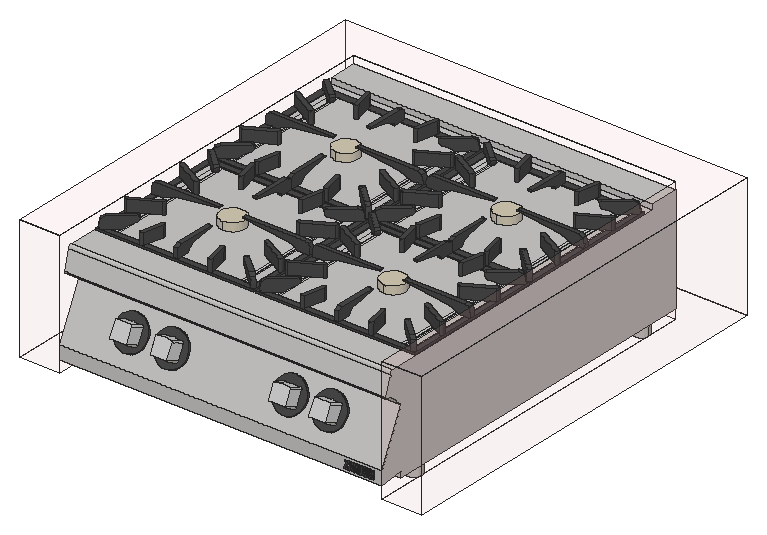
Revit family "QF_ZANUSSI_392027_Z9GCGH4C00", category Attrezzature speciali, Revit 2020
Family settings
  Quota connettore circolare = Usa diametro
  Tipo di parte = Normale
  Basato su piano di lavoro = No
  Sempre verticale = Sì
  Taglio con vuoti quando caricato = No
  Condiviso = No
  Punto di calcolo locali = No
Parameters (values of type "Standard")
  Weight = 79.00 kg
  Watts = 0 W
  Volts = 0 V
  URL Manufacturer = "http://www.zanussiprofessional.com"
  URL = "http://www.zanussiprofessional.com"
  Steam Supply Size = 0 mm
  Steam Supply Minimum Pressure = 0.0 Pa
  Steam Supply Maximum Pressure = 0.0 Pa
  Steam Consumption per Hour = 0
  Show Logo [instance] = yes
  Show Clearance [instance] = yes
  Refrigeration Suction Line Size = 0 mm
  Refrigeration Liquid Line Size = 0 mm
  Refrigerant Compressor Remote = yes
  Prospetto di default = 0 mm
  Produttore = "Zanussi"
  Phase = 0
  Modello = "Z9GCGH4C00"
  Length Actual = 800 mm  # constant formula
  Item Number = "392027"
  Hot Water Size = 0 mm
  Height Actual = 250 mm  # constant formula
  HP = "0 HP"
  Gas Size = 12.7 mm
  Gas KW = 28
  Gas Input Pressure = 0.202529 W
  Direct Waste Size = 0 mm
  Descrizione = "4-BURNER(CAST IRON)GAS BOILING TOP 800MM"
  Depth Actual = 900 mm  # constant formula
  Cycle = 0 Hz
  Condensate Return Size = 0 mm
  Compressed Air Volume = 0.0 L/s
  Compressed Air Size = 0 mm
  Compressed Air Pressure = 0.0 Pa
  Cold Water Size = 0 mm
  Accessory = yes
Reference planes
  plane 1 "Back": y = 0
  plane 2: z = 0
  plane 3 "Left": x = 0
  plane 4: x = 800
  plane 5: z = 275
  plane 6: x = 400
  plane 7: y = 100
  plane 8: x = 900
  plane 9: x = -100
  plane 10: y = -82
  plane 11: y = -988.75
  plane 12: y = -915
  plane 13: y = -457.5
Forms (mm)
  Extrusion 1, solid, material "QF_Finishes_Stainless Steel"
    sketch origin (0, 0, 1) x (0, 1, 0) y (0, 0, 1)
      loop
        line (0, 23) -> (0, 289) -> (-69.85, 289) -> (-69.85, 274) -> (-879.358, 274)
        arc (-879.358, 274) -> (-884.643, 271.811) -> (-886.833, 266.526) r 7.474
        line (-886.833, 266.526) -> (-899.884, 221.011)
        arc (-899.884, 221.011) -> (-899.396, 218.379) -> (-897, 217.184) r 3
        line (-897, 217.184) -> (-886.802, 217.184) -> (-854.982, 185.364) -> (-915, 64.508) -> (-915, 29.508) -> (-858.645, 37.428)
        arc (-858.645, 37.428) -> (-856.101, 36.674) -> (-855, 34.259) r 3.2
        line (-855, 34.259) -> (-855, 23) -> (0, 23)
    from 0 to 800
  Extrusion 2, solid, material "QF_Finishes_Clearance", visible <- "Show Clearance"
    sketch origin (0, 0, 0) x (1, 0, 0) y (0, 1, 0)
      loop
        line (0, -915) -> (0, 0) -> (800, 0) -> (800, -915) -> (900, -915) -> (900, 100) -> (-100, 100) -> (-100, -915) -> (0, -915)
    from 0 to 308.575
  Extrusion 3, solid, material "QF_Finishes_Stainless Steel"
    sketch origin (1120.814, -525.308, 19) x (1, 0, 0) y (0, 1, 0)
      loop
        circle (-372.814, -339.442) r 8
    from 0 to 5
  Extrusion 4, solid, material "QF_Finishes_Stainless Steel"
    sketch origin (1120.814, 5, 215.192) x (1, 0, 0) y (0, 0, 1)
      loop
        circle (-372.814, -140.692) r 8
    from 0 to 5
Dimensions and locks
  plane 3 "Left" to plane 4 = 800 mm
  plane 5 to level = 275 mm
  equal spacing: plane 3 "Left", plane 6, plane 4
  plane 1 "Back" to plane 7 = 100 mm
  plane 9 to plane 3 "Left" = 100 mm
  plane 4 to plane 8 = 100 mm
  plane 1 "Back" to Extrusion 1 sketch curve = 915 mm
  plane 1 "Back" to plane 10 to plane 12 to plane 11 = 82 mm, 833 mm, 73.75 mm
  equal spacing: plane 12, plane 13, plane 1 "Back"
  plane 1 "Back" to plane 12 = 915 mm
  aligned and locked: level to plane 2
Automatic sketch dimensions
  Extrusion 2 sketch curve to plane 9 = 0 mm
  Extrusion 2 sketch curve to plane 3 "Left" = 0 mm
  plane 1 "Back" to Extrusion 2 sketch curve = 0 mm
  Extrusion 2 sketch curve to plane 4 = 0 mm
  Extrusion 2 sketch curve to plane 7 = 0 mm
  Extrusion 2 sketch curve to plane 8 = 0 mm
  plane 5 to Extrusion 1 sketch curve = 0 mm
  Extrusion 1 sketch curve to plane 1 "Back" = 0 mm
  Extrusion 1 sketch curve to Extrusion 1 sketch curve = 2.884 mm
  Extrusion 1 sketch curve to Extrusion 1 sketch curve = 0.445 mm
  Extrusion 1 sketch curve to Extrusion 1 sketch curve = 3.2 mm
  plane 1 "Back" to Extrusion 1 sketch curve = 69.85 mm
  Extrusion 1 sketch curve to Extrusion 1 sketch curve = 45.515 mm
  Extrusion 1 sketch curve to Extrusion 1 sketch curve = 0.827 mm
  Extrusion 1 sketch curve to Extrusion 1 sketch curve = 31.82 mm  (x2)
  level to Extrusion 1 sketch curve = 65.508 mm
  level to Extrusion 1 sketch curve = 38.428 mm
  level to Extrusion 1 sketch curve = 30.508 mm
  Extrusion 1 sketch curve to Extrusion 1 sketch curve = 11.259 mm
  Extrusion 1 sketch curve to plane 5 = 15 mm
  Extrusion 1 sketch curve to Extrusion 1 sketch curve = 13.082 mm
  plane 4 to Extrusion 3 sketch curve = 52 mm
  plane 4 to Extrusion 4 sketch curve = 52 mm
  level to Extrusion 4 sketch curve = 74.5 mm
  plane 12 to Extrusion 1 sketch curve = 15.116 mm
  plane 5 to Extrusion 1 sketch curve = 7.474 mm
  plane 12 to Extrusion 1 sketch curve = 28.167 mm
  plane 12 to Extrusion 1 sketch curve = 56.355 mm
  Extrusion 2 sketch curve to plane 12 = 0 mm  (x2)
  plane 11 to Extrusion 3 sketch curve = 124 mm
  radius of Extrusion 3 sketch curve = 8 mm
  radius of Extrusion 4 sketch curve = 8 mm
Nested families
  nested 1: "ZANUSSI_Logo" at (749.92, -915, 98) x (1, 0, 0) z (0, -1, 0), Show Logo <- "Show Logo", visible <- "Show Logo", type "ZANUSSI_Logo"
    with Show Logo yes
  nested 2: "Piedino 24x19 mm" at (19, -82, 0), type "Piedino 24x19 mm"
  nested 3: "Piedino 24x19 mm" at (19, -790, 0), type "Piedino 24x19 mm"
  nested 4: "Piedino 24x19 mm" at (781, -82, 0) x (-1, 0, 0) z (0, 0, 1), type "Piedino 24x19 mm"
  nested 5: "Piedino 24x19 mm" at (781, -790, 0) x (-1, 0, 0) z (0, 0, 1), type "Piedino 24x19 mm"
  nested 6: "CONTROLLER_XP-ZAN" at (596.46, -882.317, 131.321) x (-1, 0, 0) z (0, -0.8956, 0.4448), type "CONTROLLER_XP-ZAN"
  nested 7: "CONTROLLER_XP-ZAN" at (598.54, -882.317, 131.321) x (1, 0, 0) z (0, -0.8956, 0.4448), type "CONTROLLER_XP-ZAN"
  nested 8: "CONTROLLER_XP-ZAN" at (203.54, -882.317, 131.321) x (1, 0, 0) z (0, -0.8956, 0.4448), type "CONTROLLER_XP-ZAN"
  nested 9: "CONTROLLER_XP-ZAN" at (201.46, -882.317, 131.321) x (-1, 0, 0) z (0, -0.8956, 0.4448), type "CONTROLLER_XP-ZAN"
  nested 10: "ZANUSSI_BURNER" at (3.068, -453.131, -575.85), type "ZANUSSI_BURNER"
    with Status "", Specification by User "", Revision Code "", Item Number "", Installed By "", Identify Quantity as Lot yes, Furnished By "", Foodservice Equipment Identifier yes
  nested 11: "ZANUSSI_BURNER" at (3.068, -449.989, -575.85), type "ZANUSSI_BURNER"
    with Status "", Specification by User "", Revision Code "", Item Number "", Installed By "", Identify Quantity as Lot yes, Furnished By "", Foodservice Equipment Identifier yes
  nested 12: "ZANUSSI_BURNER" at (796.932, -453.131, -575.85) x (-1, 0, 0) z (0, 0, 1), type "ZANUSSI_BURNER"
    with Status "", Specification by User "", Revision Code "", Item Number "", Installed By "", Identify Quantity as Lot yes, Furnished By "", Foodservice Equipment Identifier yes
  nested 13: "ZANUSSI_BURNER" at (796.932, -449.989, -575.85) x (-1, 0, 0) z (0, 0, 1), type "ZANUSSI_BURNER"
    with Status "", Specification by User "", Revision Code "", Item Number "", Installed By "", Identify Quantity as Lot yes, Furnished By "", Foodservice Equipment Identifier yes
Connectors
  piping at (748, -864.75, 19), diameter 12.7, driven by "Gas Size"
    settings: on Extrusion 3, index 14, connector inside diameter 609.6 mm, connector length 0 mm, flow factor 0, pipe flow 0.0 L/s, pressure drop 0.0 Pa, fitting loss kfactor 0, connector angle 0.00°, fixture units 0, engagement length 0 mm, angle of deflection 0.00°, flow configuration 0, flow direction 0, fitting loss method 0, system type 29, joint type 0, gender type 0, connector reference index -1, connector utility 0, adjustable connector no, is connector primary yes, connector description "Gas Connection"
  piping at (748, 5, 74.5), diameter 12.7, driven by "Gas Size"
    settings: on Extrusion 4, index 15, connector inside diameter 609.6 mm, connector length 0 mm, flow factor 0, pipe flow 0.0 L/s, pressure drop 0.0 Pa, fitting loss kfactor 0, connector angle 0.00°, fixture units 0, engagement length 0 mm, angle of deflection 0.00°, flow configuration 0, flow direction 0, fitting loss method 0, system type 29, joint type 0, gender type 0, connector reference index -1, connector utility 0, adjustable connector no, is connector primary no, connector description "Gas Connection"
Definition of nested family "ZANUSSI_Logo"
  Parameters (values of type "ZANUSSI_Logo")
    Show Logo [instance] = yes
    Default Elevation = 1219.2 mm
  Reference planes
    plane 1 "Center (Front/Back)": y = -49
    plane 2: z = 0
    plane 3 "Center (Left/Right)": x = -9.92
  Forms (mm)
    Extrusion 1, solid
      sketch origin (0, 0, 0) x (1, 0, 0) y (0, 1, 0)
        loop
          line (-1219.2, 1219.2) -> (-1219.2, -1219.2) -> (1219.2, -1219.2) -> (1219.2, 1219.2) -> (-1219.2, 1219.2)
      from 0 to -304.8
    Extrusion 2, solid, visible <- "Show Logo"
      sketch origin (106.353, -215.165, -50) x (1, 0, 0) y (0, 1, 0)
        loop
          line (-137.419, 156.48) -> (-137.419, 160.444) -> (-143.365, 160.444) -> (-137.419, 172.566) -> (-137.419, 175.851) -> (-147.274, 175.851) -> (-147.274, 172.226) -> (-142.063, 172.339) -> (-147.728, 160.444) -> (-147.728, 156.48) -> (-137.419, 156.48)
        loop
          line (-131.729, 163.73) -> (-129.463, 163.73) -> (-130.596, 172.54) -> (-131.729, 163.73)
        loop
          line (-132.748, 156.48) -> (-132.182, 160.218) -> (-128.897, 160.218) -> (-128.33, 156.48) -> (-124.252, 156.48) -> (-127.877, 175.851) -> (-133.315, 175.851) -> (-136.826, 156.48) -> (-132.748, 156.48)
        loop
          line (-123.75, 175.851) -> (-123.75, 156.48) -> (-120.238, 156.48) -> (-120.238, 169.281) -> (-116.953, 156.48) -> (-112.648, 156.48) -> (-112.648, 175.851) -> (-116.273, 175.851) -> (-116.273, 163.503) -> (-119.558, 175.851) -> (-123.75, 175.851)
        loop
          arc (-111.742, 161.27) -> (-106.896, 156.448) -> (-101.433, 160.558) r 5.22
          line (-101.433, 160.558) -> (-101.433, 175.851) -> (-105.398, 175.851) -> (-105.398, 161.464)
          arc (-105.398, 161.464) -> (-106.44, 160.263) -> (-107.777, 161.124) r 1.214
          line (-107.777, 161.124) -> (-107.777, 175.851) -> (-111.742, 175.851) -> (-111.742, 161.27)
        loop
          line (-94.069, 169.734) -> (-90.331, 169.734) -> (-90.269, 171.495)
          arc (-90.269, 171.495) -> (-90.53, 173.458) -> (-91.761, 175.009) r 3.719
          arc (-91.761, 175.009) -> (-95.38, 176.189) -> (-98.998, 175.009) r 6.139
          arc (-98.998, 175.009) -> (-100.474, 172.145) -> (-100.291, 168.927) r 6.125
          arc (-100.291, 168.927) -> (-99.079, 167.149) -> (-97.591, 165.594) r 13.068
          line (-97.591, 165.594) -> (-95.921, 164.113)
          arc (-95.921, 164.113) -> (-94.934, 163.275) -> (-94.167, 162.233) r 5.571
          arc (-94.167, 162.233) -> (-94.357, 160.41) -> (-96.143, 160.003) r 1.573
          arc (-96.143, 160.003) -> (-96.681, 160.547) -> (-96.911, 161.277) r 1.631
          arc (-96.911, 161.277) -> (-96.929, 161.791) -> (-96.911, 162.305) r 7.441
          arc (-96.911, 162.305) -> (-96.895, 162.791) -> (-96.911, 163.277) r 7.03
          line (-96.911, 163.277) -> (-100.866, 163.277)
          arc (-100.866, 163.277) -> (-100.828, 160.504) -> (-99.735, 157.955) r 7.131
          arc (-99.735, 157.955) -> (-94.571, 156.484) -> (-90.221, 159.633) r 6.148
          arc (-90.221, 159.633) -> (-90.141, 162.884) -> (-91.536, 165.823) r 7.021
          line (-91.536, 165.823) -> (-95.882, 169.734)
          arc (-95.882, 169.734) -> (-96.47, 170.472) -> (-96.785, 171.362) r 2.858
          arc (-96.785, 171.362) -> (-95.666, 172.959) -> (-94.069, 171.84) r 1.379
          line (-94.069, 171.84) -> (-94.069, 169.734)
        loop
          line (-82.771, 169.734) -> (-79.033, 169.734) -> (-78.971, 171.495)
          arc (-78.971, 171.495) -> (-79.232, 173.458) -> (-80.463, 175.009) r 3.719
          arc (-80.463, 175.009) -> (-84.081, 176.189) -> (-87.7, 175.009) r 6.139
          arc (-87.7, 175.009) -> (-89.175, 172.145) -> (-88.993, 168.927) r 6.125
          arc (-88.993, 168.927) -> (-87.781, 167.149) -> (-86.293, 165.594) r 13.068
          line (-86.293, 165.594) -> (-84.623, 164.113)
          arc (-84.623, 164.113) -> (-83.636, 163.275) -> (-82.869, 162.233) r 5.571
          arc (-82.869, 162.233) -> (-83.059, 160.41) -> (-84.845, 160.003) r 1.573
          arc (-84.845, 160.003) -> (-85.383, 160.547) -> (-85.613, 161.277) r 1.631
          arc (-85.613, 161.277) -> (-85.631, 161.791) -> (-85.613, 162.305) r 7.441
          arc (-85.613, 162.305) -> (-85.596, 162.791) -> (-85.613, 163.277) r 7.03
          line (-85.613, 163.277) -> (-89.568, 163.277)
          arc (-89.568, 163.277) -> (-89.53, 160.504) -> (-88.437, 157.955) r 7.131
          arc (-88.437, 157.955) -> (-83.272, 156.484) -> (-78.922, 159.633) r 6.148
          arc (-78.922, 159.633) -> (-78.843, 162.884) -> (-80.238, 165.823) r 7.021
          line (-80.238, 165.823) -> (-84.584, 169.734)
          arc (-84.584, 169.734) -> (-85.171, 170.472) -> (-85.486, 171.362) r 2.858
          arc (-85.486, 171.362) -> (-84.368, 172.959) -> (-82.771, 171.84) r 1.379
          line (-82.771, 171.84) -> (-82.771, 169.734)
        loop
          line (-78.21, 175.851) -> (-78.21, 156.48) -> (-74.245, 156.48) -> (-74.245, 175.851) -> (-78.21, 175.851)
      from 50 to 51.6
  Dimensions and locks
    aligned and locked: plane 2 to Extrusion 1
    aligned and locked: level to Extrusion 1
Definition of nested family "Piedino 24x19 mm"
  Parameters (values of type "Piedino 24x19 mm")
    Default Elevation = 0 mm
    P = 930 mm
    L = 400 mm
    H = 290 mm
  Reference planes
    plane 1: y = 0
    plane 2: z = 0
    plane 3: x = 0
    plane 4: z = 290
    plane 5: z = 24
    plane 6: z = 55
  Forms (mm)
    Extrusion 1, solid
      sketch origin (-373.847, 979.72, 0) x (1, 0, 0) y (0, 1, 0)
        loop
          circle (373.847, -979.72) r 19
      from 0 to 24
  Dimensions and locks
    "H": plane 4 to level
    plane 4 to plane 5 to level = 266 mm, 24 mm
    level to plane 6 = 55 mm
    aligned and locked: level to plane 2
  Automatic sketch dimensions
    plane 3 to Extrusion 1 sketch curve = 0 mm
    plane 1 to Extrusion 1 sketch curve = 0 mm
    radius of Extrusion 1 sketch curve = 19 mm
Definition of nested family "CONTROLLER_XP-ZAN"
  Parameters (values of type "CONTROLLER_XP-ZAN")
    Default Elevation = 0 mm
  Reference planes
    plane 1 "Centro (Fronte/Retro)": y = 0
    plane 2: z = 0
    plane 3 "Centro (Sinistra/Destra)": x = 0
    plane 4: x = -51.067
    plane 5: x = 51.067
    plane 6: x = 93.481
    plane 7: x = -93.481
  Forms (mm)
    Extrusion 1, solid
      sketch origin (0, 0, 0) x (1, 0, 0) y (0, 1, 0)
        loop
          line (-1219.2, 1219.2) -> (-1219.2, -1219.2) -> (1219.2, -1219.2) -> (1219.2, 1219.2) -> (-1219.2, 1219.2)
      from 0 to -304.8
    Extrusion 2, solid
      sketch origin (-46.381, -48.923, 0) x (1, 0, 0) y (0, 1, 0)
        loop
          circle (-4.687, 48.923) r 42.414
      from 0 to 3.175
    Blend 3, solid
      base sketch origin (-46.381, -48.923, 3.175) x (1, 0, 0) y (0, 1, 0)
        loop
          line (-23.687, 25.923) -> (14.313, 25.923)
          arc (14.313, 25.923) -> (17.142, 27.095) -> (18.313, 29.923) r 4
          line (18.313, 29.923) -> (18.313, 66.519)
          arc (18.313, 66.519) -> (17.342, 69.132) -> (14.901, 70.476) r 4
          arc (14.901, 70.476) -> (-4.687, 71.923) -> (-24.275, 70.476) r 133.25
          arc (-24.275, 70.476) -> (-26.716, 69.132) -> (-27.687, 66.519) r 4
          line (-27.687, 66.519) -> (-27.687, 29.923)
          arc (-27.687, 29.923) -> (-26.515, 27.095) -> (-23.687, 25.923) r 4
      top sketch origin (-46.381, -48.923, 3.175) x (1, 0, 0) y (0, 1, 0)
        loop
          line (-25.687, 66.519) -> (-25.687, 29.923)
          arc (-25.687, 29.923) -> (-25.101, 28.509) -> (-23.687, 27.923) r 2
          line (-23.687, 27.923) -> (14.313, 27.923)
          arc (14.313, 27.923) -> (15.727, 28.509) -> (16.313, 29.923) r 2
          line (16.313, 29.923) -> (16.313, 66.519)
          arc (16.313, 66.519) -> (15.828, 67.825) -> (14.607, 68.498) r 2
          arc (14.607, 68.498) -> (-4.687, 69.923) -> (-23.981, 68.498) r 131.25
          arc (-23.981, 68.498) -> (-25.201, 67.825) -> (-25.687, 66.519) r 2
      from 0 to 33
  Lines and regions (mm)
    Split face 1
      outline origin (-46.381, -48.923, 36.175) x (1, 0, 0) y (0, 1, 0)
        loop
          line (-6.687, 69.908) -> (-6.687, 62.923) -> (-2.687, 62.923) -> (-2.687, 69.908)
  Dimensions and locks
    aligned and locked: plane 2 to Extrusion 1
    aligned and locked: level to Extrusion 1
Definition of nested family "ZANUSSI_BURNER"
  Parameters (values of type "ZANUSSI_BURNER")
    Weight in Pounds = 0
    URL Cutsheet = ""
    URL = "www.electrolux.com"
    Type Mark [instance] = ""
    Status [instance] = ""
    Specification by User [instance] = ""
    Specification by Manufacturer = ""
    Show Clearance [instance] = yes
    Serial Number = ""
    Seismic Rating = ""
    SMACNA No = ""
    Revision Code [instance] = ""
    Default Elevation = 0 mm
    Omniclass Number and Title = ""
    NAFEM Spec ID Number = ""
    Model = "392010"
    Masterspec = ""
    Manufacturer = "ELECTROLUX"
    Item Number [instance] = ""
    Installed By [instance] = ""
    Identify Quantity as Lot [instance] = yes
    Furnished By [instance] = ""
    Foodservice Equipment Identifier [instance] = yes
    Description = ""
    CSI MasterFormat = ""
    CSI Master Format = ""
  Reference planes
    plane 1 "BACK": y = 0
    plane 2: z = 0
    plane 3 "LEFT": x = 0
    plane 4 "RIGHT": x = 393.7
    plane 5 "FRONT": y = -355.6
    plane 6 "TOP": z = 908.85
    plane 7 "Center Y": x = 196.85
    plane 8 "Center X": y = -177.8
    plane 9 "Base": z = 150
    plane 10: z = 850.85
  Forms (mm)
    Extrusion 1, solid
      sketch origin (-6.433, -404.961, 5) x (1, 0, 0) y (0, 0, -1)
        loop
          arc (7.142, -850.85) -> (6.739, -862.989) -> (9.761, -874.752) r 42.809
          line (9.761, -874.752) -> (19.961, -879.425) -> (173.122, -879.425)
          arc (173.122, -879.425) -> (174.316, -878.312) -> (173.289, -877.043) r 1.197
          line (173.289, -877.043) -> (64.848, -864.021)
          arc (64.848, -864.021) -> (50.111, -858.738) -> (36.589, -850.85) r 85.245
          line (36.589, -850.85) -> (7.142, -850.85)
        loop
          line (399.424, -850.85) -> (369.977, -850.85)
          arc (369.977, -850.85) -> (356.455, -858.738) -> (341.718, -864.021) r 85.245
          line (341.718, -864.021) -> (233.277, -877.043)
          arc (233.277, -877.043) -> (232.25, -878.312) -> (233.444, -879.425) r 1.197
          line (233.444, -879.425) -> (386.605, -879.425) -> (396.806, -874.752)
          arc (396.806, -874.752) -> (399.827, -862.989) -> (399.424, -850.85) r 42.809
      from 224.564 to 234.564
    Extrusion 2, solid
      sketch origin (196.85, 175.397, 1219.2) x (0, 1, 0) y (0, 0, 1)
        loop
          line (-204.463, -363.35) -> (-175.397, -363.35) -> (-175.397, -339.506)
          arc (-175.397, -339.506) -> (-181.025, -338.266) -> (-185.611, -334.775) r 13.39
          line (-185.611, -334.775) -> (-278.903, -334.775)
          arc (-278.903, -334.775) -> (-280.097, -335.888) -> (-279.07, -337.157) r 1.197
          line (-279.07, -337.157) -> (-227.151, -347.464)
          arc (-227.151, -347.464) -> (-213.741, -352.457) -> (-204.463, -363.35) r 28.426
        loop
          arc (-496.332, -363.35) -> (-487.053, -352.457) -> (-473.644, -347.464) r 28.426
          line (-473.644, -347.464) -> (-421.725, -337.157)
          arc (-421.725, -337.157) -> (-420.697, -335.888) -> (-421.891, -334.775) r 1.197
          line (-421.891, -334.775) -> (-515.184, -334.775)
          arc (-515.184, -334.775) -> (-519.769, -338.266) -> (-525.397, -339.506) r 13.39
          line (-525.397, -339.506) -> (-525.397, -363.35) -> (-496.332, -363.35)
      from -5 to 5
    Extrusion 3, solid
      sketch origin (-6.433, 367.064, 850.85) x (0, -1, 0) y (1, 0, 0)
        loop
          line (722.664, 6.433) -> (722.664, 400.133) -> (367.064, 400.133) -> (367.064, 6.433) -> (722.664, 6.433)
        loop
          line (382.064, 21.433) -> (707.664, 21.433) -> (707.664, 385.133) -> (382.064, 385.133) -> (382.064, 21.433)
      from 0 to 5
    Extrusion 4, solid
      sketch origin (-18.933, 367.064, 855.85) x (0, -1, 0) y (1, 0, 0)
        loop
          circle (541.667, 215.783) r 30
      from -1.321 to 17.134
    Extrusion 5, solid
      sketch origin (-6.433, -367.064, 0) x (1, 0, 0) y (0, 0, -1)
        loop
          line (21.433, -855.85) -> (36.589, -855.85)
          arc (36.589, -855.85) -> (40.561, -855.243) -> (44.305, -853.783) r 18.259
          arc (44.305, -853.783) -> (45.997, -853.366) -> (47.69, -853.783) r 3.649
          arc (47.69, -853.783) -> (49.901, -854.522) -> (52.232, -854.529) r 7.328
          line (52.232, -854.529) -> (354.334, -854.529)
          arc (354.334, -854.529) -> (356.666, -854.522) -> (358.877, -853.783) r 7.328
          arc (358.877, -853.783) -> (360.569, -853.366) -> (362.261, -853.783) r 3.649
          arc (362.261, -853.783) -> (366.005, -855.243) -> (369.977, -855.85) r 18.259
          line (369.977, -855.85) -> (385.133, -855.85) -> (385.133, -850.85) -> (21.433, -850.85) -> (21.433, -855.85)
      from 26.464 to 352.064
    Extrusion 6, solid
      sketch origin (83.284, -458.334, 5) x (0.742103, 0.670286, 0) y (0, 0, -1)
        loop
          arc (88.629, -864.012) -> (73.909, -858.731) -> (60.402, -850.85) r 85.245
          line (60.402, -850.85) -> (14.993, -850.85)
          arc (14.993, -850.85) -> (14.642, -862.948) -> (17.686, -874.663) r 42.876
          line (17.686, -874.663) -> (27.899, -879.425) -> (89.664, -879.425)
          arc (89.664, -879.425) -> (92.39, -878.352) -> (93.654, -875.709) r 4
          arc (93.654, -875.709) -> (92.562, -869.25) -> (88.629, -864.012) r 13.87
        loop
          arc (457.638, -864.012) -> (453.704, -869.25) -> (452.613, -875.709) r 13.87
          arc (452.613, -875.709) -> (453.876, -878.352) -> (456.603, -879.425) r 4
          line (456.603, -879.425) -> (518.367, -879.425) -> (528.581, -874.663)
          arc (528.581, -874.663) -> (531.624, -862.948) -> (531.273, -850.85) r 42.876
          line (531.273, -850.85) -> (485.865, -850.85)
          arc (485.865, -850.85) -> (472.357, -858.731) -> (457.638, -864.012) r 85.245
      from 127.064 to 137.064
    Extrusion 7, solid
      sketch origin (310.416, -458.334, 5) x (-0.742103, 0.670286, 0) y (0, 0, 1)
        loop
          arc (88.629, 864.012) -> (92.562, 869.25) -> (93.654, 875.709) r 13.87
          arc (93.654, 875.709) -> (92.39, 878.352) -> (89.664, 879.425) r 4
          line (89.664, 879.425) -> (27.899, 879.425) -> (17.686, 874.663)
          arc (17.686, 874.663) -> (14.642, 862.948) -> (14.993, 850.85) r 42.876
          line (14.993, 850.85) -> (60.402, 850.85)
          arc (60.402, 850.85) -> (73.909, 858.731) -> (88.629, 864.012) r 85.245
        loop
          arc (457.638, 864.012) -> (472.357, 858.731) -> (485.865, 850.85) r 85.245
          line (485.865, 850.85) -> (531.273, 850.85)
          arc (531.273, 850.85) -> (531.624, 862.948) -> (528.581, 874.663) r 42.876
          line (528.581, 874.663) -> (518.367, 879.425) -> (456.603, 879.425)
          arc (456.603, 879.425) -> (453.876, 878.352) -> (452.613, 875.709) r 4
          arc (452.613, 875.709) -> (453.704, 869.25) -> (457.638, 864.012) r 13.87
      from 127.064 to 137.064
    Extrusion 8, solid
      sketch origin (-6.433, 367.064, 855.85) x (0, -1, 0) y (1, 0, 0)
        loop
          arc (626.166, 9.428) -> (632.956, 7.454) -> (634.93, 14.244) r 5
          line (634.93, 14.244) -> (600.514, 76.878)
          arc (600.514, 76.878) -> (593.724, 78.852) -> (591.75, 72.062) r 5
          line (591.75, 72.062) -> (626.166, 9.428)
        loop
          line (463.562, 9.428) -> (497.977, 72.062)
          arc (497.977, 72.062) -> (496.003, 78.852) -> (489.213, 76.878) r 5
          line (489.213, 76.878) -> (454.798, 14.244)
          arc (454.798, 14.244) -> (456.772, 7.454) -> (463.562, 9.428) r 5
        loop
          line (626.166, 397.138) -> (591.75, 334.504)
          arc (591.75, 334.504) -> (593.724, 327.714) -> (600.514, 329.689) r 5
          line (600.514, 329.689) -> (634.93, 392.323)
          arc (634.93, 392.323) -> (632.956, 399.113) -> (626.166, 397.138) r 5
        loop
          arc (463.562, 397.138) -> (456.772, 399.113) -> (454.798, 392.323) r 5
          line (454.798, 392.323) -> (489.213, 329.689)
          arc (489.213, 329.689) -> (496.003, 327.714) -> (497.977, 334.504) r 5
          line (497.977, 334.504) -> (463.562, 397.138)
        loop
          line (715.14, 293.499) -> (666.703, 282.317)
          arc (666.703, 282.317) -> (662.956, 276.32) -> (668.953, 272.573) r 5
          line (668.953, 272.573) -> (717.389, 283.756)
          arc (717.389, 283.756) -> (721.136, 289.752) -> (715.14, 293.499) r 5
        loop
          arc (715.14, 113.067) -> (721.136, 116.814) -> (717.389, 122.811) r 5
          line (717.389, 122.811) -> (668.953, 133.993)
          arc (668.953, 133.993) -> (662.956, 130.246) -> (666.703, 124.249) r 5
          line (666.703, 124.249) -> (715.14, 113.067)
        loop
          arc (374.588, 293.499) -> (368.591, 289.752) -> (372.338, 283.756) r 5
          line (372.338, 283.756) -> (420.775, 272.573)
          arc (420.775, 272.573) -> (426.771, 276.32) -> (423.024, 282.317) r 5
          line (423.024, 282.317) -> (374.588, 293.499)
        loop
          line (374.588, 113.067) -> (423.024, 124.249)
          arc (423.024, 124.249) -> (426.771, 130.246) -> (420.775, 133.993) r 5
          line (420.775, 133.993) -> (372.338, 122.811)
          arc (372.338, 122.811) -> (368.591, 116.814) -> (374.588, 113.067) r 5
      from 0 to 28.575
  Lines and regions (mm)
    symbolic lines
      curve 1: line (157.475, -170.397, 150) -> (157.475, -15, 150)
      curve 2: line (236.225, -170.397, 150) -> (236.225, -15, 150)
      curve 3: arc (158.678, -180.397, 0) -> (170.734, -200.207, 0) -> (191.85, -209.795, 0) r 39.375
      curve 4: line (163.825, -170.397, 150) -> (163.825, -15, 150)
      curve 5: line (229.875, -170.397, 150) -> (229.875, -15, 150)
      curve 6: line (144.775, -170.397, 150) -> (144.775, -15, 150)
      curve 7: line (248.925, -170.397, 150) -> (248.925, -15, 150)
      curve 8: arc (145.678, -180.397, 0) -> (161.728, -209.187, 0) -> (191.85, -222.573, 0) r 52.075
      curve 9: arc (201.85, -209.795, 0) -> (222.966, -200.207, 0) -> (235.022, -180.397, 0) r 39.375
      curve 10: arc (201.85, -222.573, 0) -> (231.931, -209.224, 0) -> (248.001, -180.504, 0) r 52.075
  Dimensions and locks
    equal spacing: plane 3 "LEFT", plane 7 "Center Y", plane 4 "RIGHT"
    plane 3 "LEFT" to plane 4 "RIGHT" = 393.7 mm
    equal spacing: plane 5 "FRONT", plane 8 "Center X", plane 1 "BACK"
    plane 5 "FRONT" to plane 1 "BACK" = 355.6 mm
    plane 6 "TOP" to level = 908.85 mm
    plane 9 "Base" to level = 150 mm
    plane 6 "TOP" to plane 10 = 58 mm  (x2)
    locked: Extrusion 4 sketch curve to plane 7 "Center Y" at 0
    aligned and locked: level to plane 2
  Automatic sketch dimensions
    plane 1 "BACK" to curve 7 = 15 mm
    plane 7 "Center Y" to curve 7 = 52.075 mm
    curve 7 to curve 2 = 12.7 mm
    curve 2 to curve 5 = 6.35 mm
    curve 4 to curve 1 = 6.35 mm
    plane 8 "Center X" to curve 6 = 7.403 mm
    curve 1 to curve 6 = 12.7 mm
    plane 3 "LEFT" to Extrusion 1 sketch curve = 0.709 mm
    plane 3 "LEFT" to Extrusion 1 sketch curve = 3.327 mm
    Extrusion 1 sketch curve to Extrusion 1 sketch curve = 10.201 mm
    plane 10 to Extrusion 1 sketch curve = 5 mm  (x2)
    Extrusion 1 sketch curve to Extrusion 1 sketch curve = 29.447 mm
    Extrusion 1 sketch curve to Extrusion 1 sketch curve = 12.704 mm  (x2)
    Extrusion 1 sketch curve to Extrusion 1 sketch curve = 15.555 mm  (x2)
    plane 3 "LEFT" to Extrusion 1 sketch curve = 79.689 mm
    Extrusion 1 sketch curve to plane 7 "Center Y" = 30.161 mm
    Extrusion 1 sketch curve to Extrusion 1 sketch curve = 0.167 mm  (x2)
    plane 7 "Center Y" to Extrusion 1 sketch curve = 29.994 mm
    Extrusion 1 sketch curve to plane 4 "RIGHT" = 79.689 mm
    plane 10 to Extrusion 1 sketch curve = 18.171 mm
    Extrusion 1 sketch curve to plane 4 "RIGHT" = 58.415 mm
    Extrusion 1 sketch curve to plane 4 "RIGHT" = 13.528 mm
    Extrusion 1 sketch curve to plane 4 "RIGHT" = 3.327 mm
    Extrusion 1 sketch curve to plane 4 "RIGHT" = 0.709 mm
    Extrusion 1 sketch curve to Extrusion 1 sketch curve = 23.902 mm  (x2)
    Extrusion 1 sketch curve to plane 6 "TOP" = 26.807 mm  (x2)
    Extrusion 1 sketch curve to Extrusion 1 sketch curve = 1.185 mm  (x2)
    Extrusion 1 sketch curve to Extrusion 1 sketch curve = 5.694 mm
    Extrusion 2 sketch curve to plane 1 "BACK" = 0 mm
    plane 1 "BACK" to Extrusion 2 sketch curve = 10.213 mm
    plane 10 to Extrusion 2 sketch curve = 5 mm  (x2)
    plane 1 "BACK" to Extrusion 2 sketch curve = 29.066 mm
    plane 10 to Extrusion 2 sketch curve = 20.886 mm
    Extrusion 2 sketch curve to Extrusion 2 sketch curve = 22.688 mm  (x2)
    Extrusion 2 sketch curve to plane 10 = 7.392 mm  (x2)
    Extrusion 2 sketch curve to plane 6 "TOP" = 24.425 mm
    Extrusion 2 sketch curve to Extrusion 2 sketch curve = 51.752 mm
    Extrusion 2 sketch curve to plane 6 "TOP" = 26.807 mm  (x2)
    Extrusion 2 sketch curve to Extrusion 2 sketch curve = 0.167 mm  (x2)
    Extrusion 2 sketch curve to plane 8 "Center X" = 68.528 mm
    Extrusion 2 sketch curve to plane 5 "FRONT" = 60.248 mm
    Extrusion 2 sketch curve to Extrusion 2 sketch curve = 2.895 mm
    Extrusion 2 sketch curve to plane 5 "FRONT" = 15.813 mm
    Extrusion 2 sketch curve to plane 5 "FRONT" = 5.6 mm
    Extrusion 2 sketch curve to Extrusion 2 sketch curve = 4.731 mm
    Extrusion 2 sketch curve to Extrusion 2 sketch curve = 23.844 mm
    Extrusion 2 sketch curve to Extrusion 2 sketch curve = 1.185 mm
    plane 1 "BACK" to Extrusion 3 sketch curve = 0 mm
    Extrusion 3 sketch curve to plane 3 "LEFT" = 0 mm
    plane 5 "FRONT" to Extrusion 3 sketch curve = 0 mm
    Extrusion 3 sketch curve to plane 4 "RIGHT" = 0 mm
    plane 1 "BACK" to Extrusion 3 sketch curve = 15 mm
    Extrusion 3 sketch curve to plane 5 "FRONT" = 15 mm
    plane 3 "LEFT" to Extrusion 3 sketch curve = 15 mm
    Extrusion 3 sketch curve to plane 4 "RIGHT" = 15 mm
    Extrusion 3 to Extrusion 4 sketch curve = 159.603 mm
    Extrusion 5 sketch curve to plane 10 = 0 mm
    plane 3 "LEFT" to Extrusion 5 sketch curve = 15 mm
    Extrusion 5 sketch curve to Extrusion 5 sketch curve = 14.402 mm
    plane 10 to Extrusion 5 sketch curve = 5 mm
    Extrusion 5 sketch curve to Extrusion 5 sketch curve = 15.156 mm
    plane 10 to Extrusion 5 sketch curve = 2.933 mm  (x3)
    Extrusion 5 sketch curve to Extrusion 5 sketch curve = 7.716 mm  (x2)
    Extrusion 5 sketch curve to Extrusion 5 sketch curve = 0 mm  (x3)
    Extrusion 5 sketch curve to Extrusion 5 sketch curve = 1.692 mm  (x2)
    Extrusion 5 sketch curve to Extrusion 5 sketch curve = 3.385 mm  (x2)
    Extrusion 5 sketch curve to plane 10 = 3.559 mm  (x2)
    plane 10 to Extrusion 5 sketch curve = 3.679 mm
    Extrusion 5 sketch curve to plane 4 "RIGHT" = 45.799 mm
    Extrusion 5 sketch curve to Extrusion 5 sketch curve = 1.143 mm
    Extrusion 5 sketch curve to plane 10 = 13.244 mm
    Extrusion 5 sketch curve to plane 4 "RIGHT" = 15 mm
    plane 10 to Extrusion 6 sketch curve = 5 mm  (x2)
    Extrusion 6 sketch curve to Extrusion 6 sketch curve = 2.692 mm  (x2)
    Extrusion 6 sketch curve to Extrusion 6 sketch curve = 10.213 mm  (x2)
    plane 10 to Extrusion 6 sketch curve = 12.281 mm
    Extrusion 6 sketch curve to Extrusion 6 sketch curve = 29.348 mm  (x2)
    Extrusion 6 sketch curve to Extrusion 6 sketch curve = 3.155 mm  (x2)
    Extrusion 6 sketch curve to Extrusion 6 sketch curve = 22.572 mm
    Extrusion 6 sketch curve to Extrusion 6 sketch curve = 8.81 mm
    Extrusion 6 sketch curve to Extrusion 6 sketch curve = 9.845 mm  (x2)
    Extrusion 6 sketch curve to Extrusion 6 sketch curve = 3.99 mm  (x2)
    Extrusion 6 sketch curve to Extrusion 6 sketch curve = 0 mm  (x2)
    Extrusion 6 sketch curve to Extrusion 6 sketch curve = 49.533 mm
    Extrusion 6 sketch curve to plane 10 = 64.377 mm
    Extrusion 6 sketch curve to Extrusion 6 sketch curve = 326.397 mm
    Extrusion 6 sketch curve to plane 6 "TOP" = 28.141 mm
    Extrusion 6 sketch curve to Extrusion 6 sketch curve = 16.281 mm
    Extrusion 6 sketch curve to Extrusion 6 sketch curve = 1.035 mm
    Extrusion 6 sketch curve to Extrusion 6 sketch curve = 19.417 mm
    Extrusion 6 sketch curve to Extrusion 6 sketch curve = 4.763 mm  (x2)
    Extrusion 6 sketch curve to Extrusion 6 sketch curve = 3.716 mm
    plane 10 to Extrusion 7 sketch curve = 5 mm  (x2)
    Extrusion 7 sketch curve to Extrusion 7 sketch curve = 2.692 mm  (x2)
    Extrusion 7 sketch curve to Extrusion 7 sketch curve = 10.213 mm  (x2)
    plane 10 to Extrusion 7 sketch curve = 12.281 mm
    Extrusion 7 sketch curve to Extrusion 7 sketch curve = 29.348 mm  (x2)
    Extrusion 7 sketch curve to Extrusion 7 sketch curve = 3.155 mm  (x2)
    Extrusion 7 sketch curve to Extrusion 7 sketch curve = 22.572 mm
    Extrusion 7 sketch curve to Extrusion 7 sketch curve = 8.81 mm
    Extrusion 7 sketch curve to Extrusion 7 sketch curve = 9.845 mm  (x2)
    Extrusion 7 sketch curve to Extrusion 7 sketch curve = 3.99 mm  (x2)
    Extrusion 7 sketch curve to Extrusion 7 sketch curve = 0 mm  (x2)
    Extrusion 7 sketch curve to Extrusion 7 sketch curve = 21.306 mm
    Extrusion 7 sketch curve to plane 10 = 64.377 mm  (x2)
    Extrusion 7 sketch curve to Extrusion 7 sketch curve = 326.397 mm
    Extrusion 7 sketch curve to plane 6 "TOP" = 28.141 mm
    Extrusion 7 sketch curve to Extrusion 7 sketch curve = 16.281 mm
    Extrusion 7 sketch curve to Extrusion 7 sketch curve = 1.035 mm
    Extrusion 7 sketch curve to Extrusion 7 sketch curve = 19.417 mm
    Extrusion 7 sketch curve to Extrusion 7 sketch curve = 7.281 mm
    Extrusion 7 sketch curve to Extrusion 7 sketch curve = 10.713 mm
    curve 3 to curve 8 = 0 mm  (x2)
    curve 3 to curve 9 = 0 mm  (x2)
    curve 3 to curve 10 = 0 mm  (x2)
    curve 3 to plane 7 "Center Y" = 0 mm
    curve 8 to plane 8 "Center X" = 2.597 mm
    curve 8 to plane 7 "Center Y" = 51.172 mm
    curve 3 to plane 8 "Center X" = 2.597 mm
    curve 8 to curve 3 = 12.999 mm
    curve 3 to plane 7 "Center Y" = 5 mm
    curve 8 to plane 7 "Center Y" = 5 mm
    plane 7 "Center Y" to curve 10 = 5 mm
    curve 9 to plane 8 "Center X" = 2.597 mm
    plane 7 "Center Y" to curve 9 = 38.172 mm
    curve 10 to plane 8 "Center X" = 2.704 mm
    curve 9 to curve 10 = 12.979 mm
    curve 10 to plane 8 "Center X" = 44.773 mm
    Extrusion 8 sketch curve to Extrusion 3 = 5.275 mm  (x2)
    Extrusion 8 sketch curve to Extrusion 8 sketch curve = 1.125 mm  (x16)
    Extrusion 3 to Extrusion 8 sketch curve = 38.711 mm  (x2)
    Extrusion 8 sketch curve to Extrusion 3 = 7.19 mm  (x3)
    Extrusion 3 to Extrusion 8 sketch curve = 72.734 mm  (x2)
    Extrusion 8 sketch curve to Extrusion 8 sketch curve = 4.382 mm  (x16)
    Extrusion 8 sketch curve to Extrusion 3 = 2.995 mm  (x4)
    Extrusion 8 sketch curve to Extrusion 8 sketch curve = 34.416 mm  (x4)
    Extrusion 3 to Extrusion 8 sketch curve = 50.629 mm  (x3)
    Extrusion 8 sketch curve to Extrusion 8 sketch curve = 93.773 mm  (x2)
    Extrusion 3 to Extrusion 8 sketch curve = 40.96 mm  (x2)
    Extrusion 8 sketch curve to Extrusion 3 = 7.476 mm  (x2)
    Extrusion 8 sketch curve to Extrusion 8 sketch curve = 2.408 mm  (x4)
    Extrusion 3 to Extrusion 8 sketch curve = 91.634 mm  (x2)
    Extrusion 8 sketch curve to Extrusion 8 sketch curve = 4.872 mm  (x8)
    Extrusion 8 sketch curve to Extrusion 8 sketch curve = 11.182 mm  (x4)
    Extrusion 3 to Extrusion 8 sketch curve = 112.56 mm
    Extrusion 8 sketch curve to Extrusion 8 sketch curve = 61.931 mm
    Extrusion 3 to Extrusion 8 sketch curve = 55.445 mm
    Extrusion 8 sketch curve to Extrusion 8 sketch curve = 4.816 mm
    plane 7 "Center Y" to curve 9 = 5 mm
    plane 8 "Center X" to curve 4 = 7.403 mm
    curve 4 to plane 7 "Center Y" = 33.025 mm
    plane 1 "BACK" to curve 1 = 15 mm
    plane 1 "BACK" to curve 5 = 15 mm
    curve 5 to curve 2 = 0 mm  (x2)
    curve 1 to curve 4 = 0 mm  (x2)
    curve 6 to curve 1 = 0 mm
    plane 8 "Center X" to curve 2 = 7.403 mm
    plane 8 "Center X" to curve 7 = 7.403 mm
    radius of Extrusion 4 sketch curve = 30 mm
